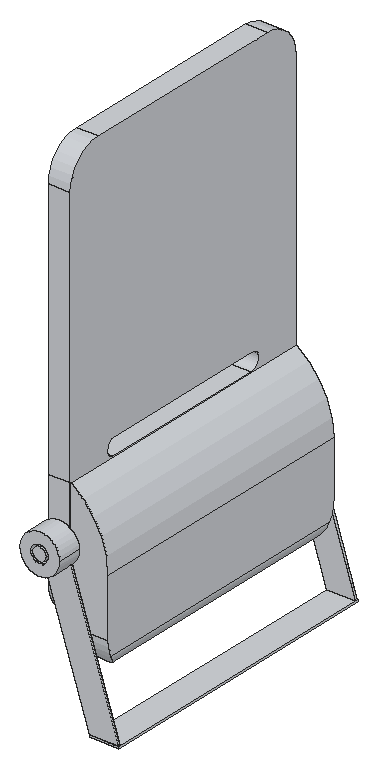
Revit family "2824064", category Generic Models, host Face, Revit 2018
Family settings
  Host = Face
  Can host rebar = No
  Round Connector Dimension = Use Diameter
  Part Type = Normal
  OmniClass Number = 23.80.70.00
  OmniClass Title = Lighting
  Cut with Voids When Loaded = No
  Shared = No
  Room Calculation Point = No
Parameters (values of type "Type Name")
  rotation axis = 142.4 mm
  bracket width = 288 mm
  URL = "http://www.sylvania-lighting.com"
  Type Image = <None>
  Type Comments = "n/a"
  Material_3_SYL = none
  Model = ""
  Manufacturer = "Feilo Sylvania"
  Keynote = ""
  Material_2_SYL = none
  Height = 157.859 mm
  Description = ""
  Default Elevation = 1219.2 mm
  Cost = 0
  Material_1_SYL = none
  Bracket Height = 195 mm
  Assembly Code = ""
  Material_4_SYL = none
Reference planes
  plane 1 "Center (Front/Back)": y = 0
  plane 2: z = 0
  plane 3 "Center (Left/Right)": x = 0
  plane 4: x = -16.5
  plane 5: x = 16.5
  plane 6: z = 155
  plane 7: x = -51.5
  plane 8: z = 137
  plane 9 "Rotation Axis": z = 142.4
  plane 10: z = 152.35
  plane 11: z = 195
  plane 12: x = -73.847
  plane 13: y = -187
  plane 14: y = 187
  plane 15: y = -160
  plane 16: y = 169
  plane 17: y = -169
  plane 18: through (-72.693, -4572, 174.07) normal (-0.3105, 0, 0.9506)
  plane 19: through (-63.557, -4572, 193.954) normal (0.9506, 0, 0.3105)
  plane 20: y = 162
  plane 21: z = 65
Forms (mm)
  Extrusion 1, solid, detail levels medium+fine
    sketch origin (0, 0, 0) x (1, 0, 0) y (0, 1, 0)
      loop
        line (-16.5, 169) -> (-16.5, -169) -> (16.5, -169) -> (16.5, 169) -> (-16.5, 169)
    from 0 to 2
  Extrusion 2, solid, detail levels medium+fine
    sketch origin (1524, -349.9, 1220.035) x (1, 0, 0) y (0, 0, 1)
      loop
        line (-1540.496, -1218.035) -> (-1507.966, -1218.035) -> (-1567.674, -1035.217)
        arc (-1567.674, -1035.217) -> (-1587.557, -1026.081) -> (-1596.693, -1045.965) r 15.473
        line (-1596.693, -1045.965) -> (-1540.496, -1218.035)
    from -180.9 to -182.9
  Extrusion 3, solid, detail levels medium+fine
    sketch origin (0, 0, 0.069) x (1, 0, 0) y (0, 0, 1)
      loop
        line (-16.39, 1.931) -> (16.139, 1.931) -> (-43.636, 184.958)
        arc (-43.636, 184.958) -> (-63.457, 193.922) -> (-72.656, 174.21) r 15.474
        line (-72.656, 174.21) -> (-16.39, 1.931)
    from -169 to -167
  Extrusion 4, solid, detail levels medium+fine
    sketch origin (-6.388, 0, 36.204) x (1, 0, 0) y (0, 0, 1)
      loop
        circle (-51.99, 142.374) r 22.5
    from -162 to -187
  Extrusion 5, solid, detail levels medium+fine
    sketch origin (-6.358, 0, 36.195) x (1, 0, 0) y (0, 0, 1)
      loop
        circle (-51.99, 142.374) r 22.5
    from 160 to 187
  Extrusion 6, void
    sketch origin (-6.256, 0, 44.074) x (1, 0, 0) y (0, 0, 1)
      loop
        circle (-52.373, 134.652) r 10
    from 169 to 187
  Extrusion 7, solid, detail levels fine
    sketch origin (-6.561, 0, 36.201) x (1, 0, 0) y (0, 0, 1)
      loop
        circle (-51.99, 142.374) r 7.5
    from 169 to 187
  Extrusion 8, void
    sketch origin (1517.357, -324.9, 1255.472) x (1, 0, 0) y (0, 0, 1)
      loop
        circle (-1575.99, -1076.826) r 10
    from -511.9 to -493.9
  Extrusion 9, solid, detail levels fine
    sketch origin (1517.42, -324.9, 1255.374) x (1, 0, 0) y (0, 0, 1)
      loop
        circle (-1575.99, -1076.826) r 7.5
    from -511.9 to -493.9
  Revolve 10, solid, not visible, detail levels coarse
    sketch origin (-58.257, 1528.788, 1255.151) x (0, 1, 0) y (0, 0, 1)
      loop
        line (-1362.428, -1054.349) -> (-1379.437, -1054.349) -> (-1379.437, -1074.349) -> (-1362.428, -1074.349) -> (-1362.428, -1054.349)
      axis (-1362.428, -1076.8) -> (-1379.437, -1076.8)
    angle from 0 to 180
Cuts and joins
  Extrusion 6 cuts Extrusion 5
  Extrusion 8 cuts Extrusion 4
Dimensions and locks
  "Bracket Height": plane 11 to level
  plane 17 to plane 16 = 338 mm
  equal spacing: plane 17, plane 1 "Center (Front/Back)", plane 16
  plane 13 to cut or joined group of Extrusion 5, Extrusion 6 = 18 mm
  aligned and locked: plane 2 to host face
  aligned and locked: level to host face
Automatic sketch dimensions
  host sketch curve to host sketch curve = 2438.4 mm  (x2)
  Extrusion 1 sketch curve to plane 4 = 0 mm
  Extrusion 1 sketch curve to plane 5 = 0 mm
  Extrusion 4 sketch curve to plane 9 "Rotation Axis" = 36.178 mm
  Extrusion 5 sketch curve to plane 9 "Rotation Axis" = 36.169 mm
  Extrusion 6 sketch curve to plane 9 "Rotation Axis" = 36.326 mm
  Extrusion 7 sketch curve to plane 9 "Rotation Axis" = 36.175 mm
  Extrusion 8 sketch curve to plane 9 "Rotation Axis" = 36.246 mm
  Extrusion 9 sketch curve to plane 9 "Rotation Axis" = 36.148 mm
  Revolve 10 sketch curve to plane 9 "Rotation Axis" = 35.951 mm
  Revolve 10 sketch curve to Revolve 10 sketch curve = 17.009 mm
  Revolve 10 sketch curve to plane 9 "Rotation Axis" = 38.402 mm
  plane 6 to Revolve 10 sketch curve = 45.802 mm
  Revolve 10 sketch curve to Revolve 10 sketch curve = 62.43 mm
  Revolve 10 sketch curve to Revolve 10 sketch curve = 22.367 mm
  plane 12 to Extrusion 2 sketch curve = 1.154 mm
  plane 7 to Extrusion 2 sketch curve = 6.684 mm
  Extrusion 2 sketch curve to plane 7 = 7.826 mm
  plane 4 to Extrusion 2 sketch curve = 0.004 mm
  level to Extrusion 2 sketch curve = 2 mm
  plane 6 to Extrusion 2 sketch curve = 19.07 mm
  Extrusion 2 sketch curve to Extrusion 2 sketch curve = 5.374 mm
  Extrusion 2 sketch curve to plane 5 = 0.466 mm
  plane 12 to Extrusion 3 sketch curve = 1.191 mm
  plane 7 to Extrusion 3 sketch curve = 6.582 mm
  Extrusion 3 sketch curve to plane 7 = 7.864 mm
  plane 4 to Extrusion 3 sketch curve = 0.11 mm
  Extrusion 3 sketch curve to plane 5 = 0.361 mm
  level to Extrusion 3 sketch curve = 2 mm
  Extrusion 3 sketch curve to Extrusion 3 sketch curve = 5.202 mm
  Extrusion 3 sketch curve to plane 11 = 9.973 mm
  plane 7 to Extrusion 6 sketch curve = 7.13 mm
  plane 7 to Extrusion 7 sketch curve = 7.051 mm
  plane 7 to Extrusion 9 sketch curve = 7.07 mm
  plane 7 to Extrusion 4 sketch curve = 6.879 mm
  plane 7 to Extrusion 5 sketch curve = 6.848 mm
  plane 7 to Extrusion 8 sketch curve = 7.133 mm
  Extrusion 1 sketch curve to plane 16 = 0 mm
  Revolve 10 sketch curve to plane 20 = 12.649 mm
  Extrusion 1 sketch curve to plane 17 = 0 mm
  radius of Extrusion 4 sketch curve = 22.5 mm
  radius of Extrusion 5 sketch curve = 22.5 mm
  radius of Extrusion 6 sketch curve = 10 mm
  radius of Extrusion 7 sketch curve = 7.5 mm
  radius of Extrusion 8 sketch curve = 10 mm
  radius of Extrusion 9 sketch curve = 7.5 mm
Nested families
  nested 1: "2824064" at (-58.257, -66.124, 317.5) x (0, 1, 0) z (1, 0, 0), type "2824064 RAIDEN IP66 12KLM 840 WIDE"
    with built-in parameter 1114216 (empty or 0)
Definition of nested family "2824064"
  Parameters (values of type "2824064 RAIDEN IP66 12KLM 840 WIDE")
    height = 60 mm
    Width = 319 mm
    Wattage Comments = "n/a"
    Wattage = 9.2903 W
    built-in parameter 1150110 = 1 (stored number, unit not read)
    URL = "0.95"
    Type Image = (empty or 0)
    Type Comments = "n/a"
    built-in parameter 1114217 = 1 (stored number, unit not read)
    Tilt Angle = -90.00°
    built-in parameter 1150109 = 1 (stored number, unit not read)
    built-in parameter 1150134 = 3
    built-in parameter 1150113 = 1 (stored number, unit not read)
    Photometric Web File = "2824064.IES"
    Material_3_SYL = none
    Model = "Raiden IP66 12KLM 840 Symmetric Wide"
    Manufacturer = ""
    built-in parameter 1150105 = 109.82 (stored number, unit not read)
    Lumens = 1380 lm
    built-in parameter 1150115 = 1 (stored number, unit not read)
    built-in parameter 1150137 = (empty or 0)
    built-in parameter 1150139 = (empty or 0)
    Length = 511 mm
    built-in parameter 1150112 = 1 (stored number, unit not read)
    built-in parameter 1150114 = 1 (stored number, unit not read)
    Lamp = "n/a"
    Keynote = "n/a"
    Material_2_SYL = none
    built-in parameter 1150132 = (empty or 0)
    built-in parameter 1150102 = (empty or 0)
    built-in parameter 1150107 = 3200 (stored number, unit not read)
    built-in parameter 1150138 = (empty or 0)
    built-in parameter 1150106 = 1.0982 (stored number, unit not read)
    Emit from Circle Diameter = 609.6 mm
    Emit Shape Visible in Rendering = no
    built-in parameter 1150104 = 13.8 (stored number, unit not read)
    Dimming Lamp Color Temperature Shift = (empty or 0)
    Description = "Outdoor and indoor floodlight range with in house design, comes complete with 1m flying lead and adjustable bracket, aluminium housing, RAL 9022 - Pearl light grey, clear glass diffuser, IP66, IK08, Class I, 4000K, Non-dimming, 12400lm, 90W, 138lm/W, CRI80, Symmetric Wide beam angle 60°, 100000 hrs L80B50 lifespan, 511x319x76mm (LxWxH) dimensions, 6.1kg weight."
    Default Elevation = 1219.2 mm
    Cost = 0
    Color Filter = 16777215
    built-in parameter 1114216 [instance] = (empty or 0)
    Material_1_SYL = none
    built-in parameter 1114218 = 1 (stored number, unit not read)
    built-in parameter 1150133 = 10 (stored number, unit not read)
    Assembly Code = "D5020200"
    Apparent Load = 90 VA
    Material_4_SYL = none
  Reference planes
    plane 1 "Center (Front/Back)": y = 2.5
    plane 2: z = 0.95
    plane 3 "Center (Left/Right)": x = 68.124
    plane 4: z = -14.05
    plane 5: z = 15.95
    plane 6: x = 227.624
    plane 7: z = 0.95
    plane 8: z = 45.95
    plane 9: x = -91.376
    plane 10: y = -253
    plane 11: y = 258
    plane 12: y = 5.117
    plane 13: y = -56
    plane 14: y = -49.461
    plane 15: x = 175.624
    plane 16: x = -39.376
    plane 17: x = 1.624
    plane 18: y = -226
    plane 19: y = 236
    plane 20: y = -76
    plane 21: y = -16
    plane 22: x = -67.376
    plane 23: y = -213
    plane 24: x = -51.376
    plane 25: x = 187.624
    plane 26: x = 227.624
    plane 27: x = 134.624
  Forms (mm)
    Extrusion 1, solid
      sketch origin (26.073, 0, 0.95) x (1, 0, 0) y (0, 1, 0)
        loop
          line (-1219.2, 1219.2) -> (-1219.2, -1219.2) -> (1219.2, -1219.2) -> (1219.2, 1219.2) -> (-1219.2, 1219.2)
      from 0 to -68.017
    Extrusion 2, solid, detail levels medium+fine
      sketch origin (83.124, -34.451, 0.95) x (1, 0, 0) y (0, 1, 0)
        loop
          line (-174.5, 253) -> (-174.5, -151.549)
          arc (-174.5, -151.549) -> (-162.784, -179.833) -> (-134.5, -191.549) r 40
          line (-134.5, -191.549) -> (104.5, -191.549)
          arc (104.5, -191.549) -> (132.784, -179.833) -> (144.5, -151.549) r 40
          line (144.5, -151.549) -> (144.5, 253)
          arc (144.5, 253) -> (132.784, 281.284) -> (104.5, 293) r 40
          line (104.5, 293) -> (-134.5, 293)
          arc (-134.5, 293) -> (-162.784, 281.284) -> (-174.5, 253) r 40
      from -15 to 9.702
    Extrusion 3, solid, detail levels medium+fine
      sketch origin (402.124, 1489.549, 1205.15) x (0, 1, 0) y (0, 0, 1)
        loop
          line (-1644.468, -1151.519) -> (-1728.014, -1151.519)
          arc (-1728.014, -1151.519) -> (-1739.904, -1157.404) -> (-1742.436, -1170.427) r 14.954
          line (-1742.436, -1170.427) -> (-1715.549, -1219.2) -> (-1565.549, -1219.2) -> (-1565.549, -1194.2)
          arc (-1565.549, -1194.2) -> (-1599.607, -1162.873) -> (-1644.468, -1151.519) r 94.303
      from -493.5 to -174.5
    Extrusion 4, void
      sketch origin (81.72, -11.578, 0.95) x (1, 0, 0) y (0, 1, 0)
        loop
          arc (-149.096, 10.578) -> (-144.703, -0.029) -> (-134.096, -4.422) r 15
          line (-134.096, -4.422) -> (106.904, -4.422)
          arc (106.904, -4.422) -> (117.51, -0.029) -> (121.904, 10.578) r 15
          line (121.904, 10.578) -> (121.904, 232.578)
          arc (121.904, 232.578) -> (117.51, 243.184) -> (106.904, 247.578) r 15
          line (106.904, 247.578) -> (-134.096, 247.578)
          arc (-134.096, 247.578) -> (-144.703, 243.184) -> (-149.096, 232.578) r 15
          line (-149.096, 232.578) -> (-149.096, 10.578)
      from -16.268 to -10.594
    Extrusion 5, solid, detail levels fine
      sketch origin (83.124, 0.218, 0.95) x (1, 0, 0) y (0, 1, 0)
        loop
          arc (-135.5, 235.782) -> (-146.107, 231.388) -> (-150.5, 220.782) r 15
          line (-150.5, 220.782) -> (-150.5, -1.218)
          arc (-150.5, -1.218) -> (-146.107, -11.825) -> (-135.5, -16.218) r 15
          line (-135.5, -16.218) -> (105.5, -16.218)
          arc (105.5, -16.218) -> (116.107, -11.825) -> (120.5, -1.218) r 15
          line (120.5, -1.218) -> (120.5, 220.782)
          arc (120.5, 220.782) -> (116.107, 231.388) -> (105.5, 235.782) r 15
          line (105.5, 235.782) -> (-135.5, 235.782)
      from -12.231 to -10.594
    Extrusion 6, void
      sketch origin (59.01, -67.578, 0.95) x (1, 0, 0) y (0, 1, 0)
        loop
          arc (106.512, -8.423) -> (116.512, 1.577) -> (106.512, 11.577) r 10
          line (106.512, 11.577) -> (-88.339, 11.577)
          arc (-88.339, 11.577) -> (-98.339, 1.577) -> (-88.339, -8.423) r 10
          line (-88.339, -8.423) -> (106.512, -8.423)
      from -18.734 to 12.525
    Extrusion 7, void
      sketch origin (68.124, -34.451, 0) x (0, 1, 0) y (0, 0, 1)
        loop
          line (-253.049, 15.95) -> (-253.049, -34.125) -> (-191.549, -30.902) -> (-191.549, 15.95) -> (-253.049, 15.95)
      from 66.5 to 210.265
    Extrusion 8, void
      sketch origin (68.124, -34.451, 0) x (0, 1, 0) y (0, 0, 1)
        loop
          line (-191.549, 15.95) -> (-275.432, 15.95) -> (-275.432, -28.004) -> (-191.549, -28.004) -> (-191.549, 15.95)
      from -190.34 to -66.5
    Extrusion 9, void
      sketch origin (23.624, -126, 0.95) x (1, 0, 0) y (0, 1, 0)
        loop
          line (-115, -60) -> (-115, -100) -> (-75, -100)
          arc (-75, -100) -> (-103.284, -88.284) -> (-115, -60) r 40
      from -22.043 to 15
    Extrusion 10, void
      sketch origin (91.954, 19.065, 0.95) x (1, 0, 0) y (0, 1, 0)
        loop
          line (95.67, -245.065) -> (135.67, -245.065) -> (135.67, -205.065)
          arc (135.67, -205.065) -> (123.954, -233.349) -> (95.67, -245.065) r 40
      from -24.354 to 15
    Extrusion 11, solid, detail levels medium+fine
      sketch origin (1607.216, -359.351, 1205.129) x (1, 0, 0) y (0, 0, 1)
        loop
          circle (-1419.5, -1204.2) r 11
      from -136.15 to -106.464
    Extrusion 12, void
      sketch origin (0, 0, 0.95) x (1, 0, 0) y (0, 1, 0)
        loop
          line (-91.376, -186) -> (-91.376, -226) -> (-51.376, -226)
          arc (-51.376, -226) -> (-79.66, -214.284) -> (-91.376, -186) r 40
      from 0 to 12.525
    Extrusion 13, void
      sketch origin (0, 0, 0.95) x (1, 0, 0) y (0, 1, 0)
        loop
          line (-91.376, -221) -> (-91.376, -261) -> (-51.376, -261)
          arc (-51.376, -261) -> (-79.66, -249.284) -> (-91.376, -221) r 40
      from 0 to 100
    Extrusion 14, void
      sketch origin (0, 0, 0.95) x (1, 0, 0) y (0, 1, 0)
        loop
          arc (227.624, -215.988) -> (215.905, -244.281) -> (187.612, -256) r 40.012
          line (187.612, -256) -> (227.624, -256) -> (227.624, -215.988)
      from 12.525 to 100
    Extrusion 15, solid, detail levels coarse
      sketch origin (0, 0, 0.95) x (1, 0, 0) y (0, 1, 0)
        loop
          line (-91.376, 258.549) -> (-91.376, -252.887) -> (227.624, -252.887) -> (227.624, 258.549) -> (-91.376, 258.549)
      from -15 to 52.681
  Cuts and joins
    Extrusion 4, Extrusion 6, Extrusion 7, Extrusion 8, Extrusion 9, Extrusion 10, Extrusion 12 cuts Extrusion 2
    Extrusion 6, Extrusion 7, Extrusion 8, Extrusion 9, Extrusion 10, Extrusion 12, Extrusion 13, Extrusion 14 cuts Extrusion 3
    Extrusion 14 cuts Extrusion 11
  Dimensions and locks
    "height": plane 4 to plane 8
    "Width": plane 9 to plane 6
    equal spacing: plane 9, plane 3 "Center (Left/Right)", plane 6
    equal spacing: plane 11, plane 1 "Center (Front/Back)", plane 10
    "Length": plane 11 to plane 10
    aligned and locked: plane 2 to Extrusion 1
    aligned and locked: level to Extrusion 1
  Automatic sketch dimensions
    Extrusion 1 sketch curve to Extrusion 1 sketch curve = 2438.4 mm  (x2)
    Extrusion 4 sketch curve to plane 3 "Center (Left/Right)" = 135.5 mm
    Extrusion 4 sketch curve to Extrusion 4 sketch curve = 15 mm  (x3)
    plane 1 "Center (Front/Back)" to Extrusion 4 sketch curve = 18.5 mm
    Extrusion 4 sketch curve to Extrusion 4 sketch curve = 222 mm
    Extrusion 5 sketch curve to plane 3 "Center (Left/Right)" = 135.5 mm
    Extrusion 5 sketch curve to Extrusion 5 sketch curve = 15 mm  (x2)
    plane 1 "Center (Front/Back)" to Extrusion 5 sketch curve = 18.5 mm
    Extrusion 5 sketch curve to Extrusion 5 sketch curve = 222 mm
    Extrusion 7 sketch curve to plane 5 = 0 mm
    Extrusion 7 sketch curve to plane 4 = 16.852 mm
    Extrusion 7 sketch curve to plane 4 = 20.075 mm
    Extrusion 8 sketch curve to plane 5 = 0 mm
    Extrusion 8 sketch curve to plane 4 = 13.954 mm
    Extrusion 8 sketch curve to Extrusion 8 sketch curve = 83.883 mm
    Extrusion 9 sketch curve to plane 3 "Center (Left/Right)" = 159.5 mm
    Extrusion 9 sketch curve to Extrusion 9 sketch curve = 40 mm
    Extrusion 10 sketch curve to plane 6 = 0 mm
    Extrusion 11 sketch curve to level = 0.021 mm
    Extrusion 4 sketch curve to plane 6 = 39 mm  (x2)
    Extrusion 5 sketch curve to plane 6 = 39 mm  (x2)
    Extrusion 5 sketch curve to plane 6 = 24 mm
    Extrusion 10 sketch curve to Extrusion 10 sketch curve = 40 mm
    Extrusion 11 sketch curve to plane 6 = 39.908 mm
    Extrusion 2 sketch curve to plane 9 = 0 mm
    Extrusion 2 sketch curve to plane 6 = 0 mm
    plane 10 to Extrusion 2 sketch curve = 27 mm
    plane 9 to Extrusion 2 sketch curve = 40 mm  (x2)
    Extrusion 2 sketch curve to plane 11 = 39.451 mm  (x2)
    Extrusion 2 sketch curve to plane 6 = 40 mm
    Extrusion 12 sketch curve to plane 9 = 0 mm
    Extrusion 12 sketch curve to plane 18 = 0 mm
    plane 22 to Extrusion 12 sketch curve = 16 mm
    Extrusion 13 sketch curve to plane 9 = 0 mm
    Extrusion 13 sketch curve to plane 24 = 0 mm
    Extrusion 13 sketch curve to plane 23 = 8 mm
    Extrusion 13 sketch curve to plane 10 = 8 mm
    Extrusion 14 sketch curve to plane 25 = 0.012 mm
    Extrusion 14 sketch curve to plane 6 = 0 mm
    Extrusion 14 sketch curve to plane 23 = 2.988 mm
    Extrusion 14 sketch curve to plane 10 = 3 mm
    Extrusion 7 sketch curve to plane 18 = 0 mm
    Extrusion 7 sketch curve to plane 10 = 34.5 mm
    Extrusion 8 sketch curve to plane 18 = 0 mm
    Extrusion 9 sketch curve to plane 18 = 0 mm
    Extrusion 10 sketch curve to plane 18 = 0 mm
    Extrusion 6 sketch curve to plane 13 = 0.001 mm
    Extrusion 6 sketch curve to plane 20 = 0.001 mm
    plane 16 to Extrusion 6 sketch curve = 10.047 mm
    Extrusion 6 sketch curve to plane 15 = 10.102 mm
    Extrusion 3 sketch curve to plane 4 = 0 mm
    Extrusion 3 sketch curve to plane 18 = 0 mm
    Extrusion 3 sketch curve to plane 20 = 0 mm
    plane 10 to Extrusion 3 sketch curve = 14.535 mm
    plane 10 to Extrusion 3 sketch curve = 0.113 mm
    Extrusion 3 sketch curve to plane 4 = 26.622 mm
    Extrusion 3 sketch curve to plane 8 = 11.227 mm
    Extrusion 3 sketch curve to plane 8 = 7.273 mm
    Extrusion 3 sketch curve to plane 5 = 5 mm
    Extrusion 15 sketch curve to plane 9 = 0 mm
    Extrusion 15 sketch curve to plane 6 = 0 mm
    plane 11 to Extrusion 15 sketch curve = 0.549 mm
    plane 10 to Extrusion 15 sketch curve = 0.113 mm
    radius of Extrusion 11 sketch curve = 11 mm
  Connectors
    electrical at (187.716, -252.887, 0.929)
      settings: on Extrusion 11, index 1, voltage 0 V, apparent load 0 VA, apparent load phase1 0 VA, apparent load phase2 0 VA, apparent load phase3 0 VA, power factor 1, load classification none, number of poles 1, system type 31, power factor state 1, is connector primary yes, connector utility no, sub classification motor no, connector description ""
